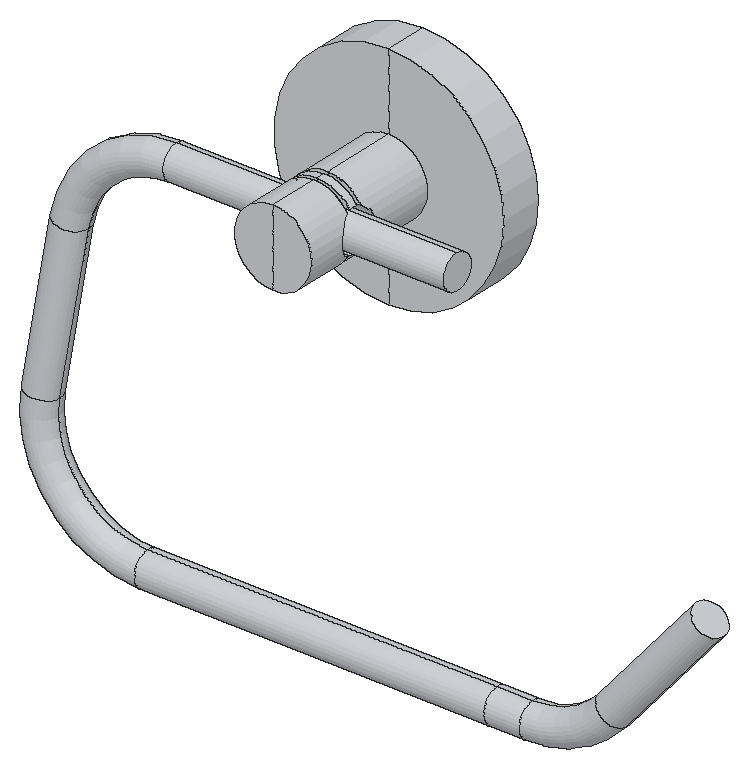
Revit family "Reece_Accessory_GROHE_Essentials_Toilet Roll Holder", category Plumbing Fixtures, Revit 2018
Family settings
  Round Connector Dimension = Use Diameter
  Part Type = Normal
  Work Plane-Based = Yes
  Always vertical = Yes
  Cut with Voids When Loaded = Yes
  Shared = Yes
  Room Calculation Point = Yes
Parameters (values of type "Brushed Nickel")
  URL = "https://www.reece.com.au/product/-9508746"
  Type Comments = "Accessory"
  Reece_Product_Web Page = "https://www.reece.com.au/product/-9508746"
  Reece_Product_Type = "Accessory"  # constant formula
  Reece_Product_Sub Brand = "Essentials"  # constant formula
  Reece_Product_Number = "9508746"
  Reece_Product_Mount = "Wall Mounted"
  Reece_Product_Description = "GROHE Essentials Accessories Toilet Roll Holder Brushed Nickel"
  Reece_Product_Brand = "GROHE"  # constant formula
  Reece_Overall_Width = 167 mm  # constant formula
  Reece_Overall_Height = 119 mm  # constant formula
  Reece_Material_Main = Reece_Brass_Brushed Nickel
  Reece_Holder_Type = Reece_Accessory_GROHE_Essentials_Toilet Roll Holder_NESTED : Standard
  Reece_Height_From_Level [instance] = 1000 mm
  Reece_Detail_Shape = ""
  Reece_Detail_Installation = ""
  Reece_Detail_Disclaimer = "THIS FILE IS THE PROPERTY OF THE REECE GROUP. IT MAY NOT BE REPRODUCED, REVERSE-ENGINEERED OR MODIFIED. ANY REPUBLICATION, TRANSMISSION OR DISTRIBUTION FOR THE PURPOSE OF COMMERCIALLY EXPLOITING THE FILES IS PROHIBITED."  # constant formula
  Reece_Detail_Connector = ""
  Reece_Detail_Additional = ""
  Reece_Accessory_Projection = 44 mm  # constant formula
  Model = "Essentials"
  Manufacturer = "GROHE"
  Keynote = "Product #9508746, Reece_Accessory_GROHE_Essentials_Toilet Roll Holder - Brushed Nickel"
  Disclaimer = "THIS FILE IS THE PROPERTY OF THE REECE GROUP. IT MAY NOT BE REPRODUCED, REVERSE-ENGINEERED OR MODIFIED. ANY REPUBLICATION, TRANSMISSION OR DISTRIBUTION FOR THE PURPOSE OF COMMERCIALLY EXPLOITING THE FILES IS PROHIBITED."  # constant formula
  Description = "GROHE Essentials Accessories Toilet Roll Holder Brushed Nickel"
  Default Elevation = 0 mm
Types (6, lengths in mm): name | URL | Reece_Product_Web Page | Reece_Product_Number | Reece_Product_Description | Reece_Material_Main | Reece_Holder_Type | Keynote | Description
  (no name) | "https://www.reece.com.au/product/-9506958" | "https://www.reece.com.au/product/-9506958" | "9506958" | "GROHE Essentials Accessories Toilet Roll Holder with Cover Chrome" | Reece_Brass_Chrome | Reece_Accessory_GROHE_Essentials_Toilet Roll Holder_NESTED : With Cover | "Product #9506958, Reece_Accessory_GROHE_Essentials_Toilet Roll Holder -  " | "GROHE Essentials Accessories Toilet Roll Holder with Cover Chrome"
  Chrome | "https://www.reece.com.au/product/-9506957" | "https://www.reece.com.au/product/-9506957" | "9506957" | "GROHE Essentials Accessories Toilet Roll Holder Chrome" | Reece_Brass_Chrome | Reece_Accessory_GROHE_Essentials_Toilet Roll Holder_NESTED : Standard | "Product #9506957, Reece_Accessory_GROHE_Essentials_Toilet Roll Holder - Chrome" | "GROHE Essentials Accessories Toilet Roll Holder Chrome"
  Brushed Nickel | "https://www.reece.com.au/product/-9508746" | "https://www.reece.com.au/product/-9508746" | "9508746" | "GROHE Essentials Accessories Toilet Roll Holder Brushed Nickel" | Reece_Brass_Brushed Nickel | Reece_Accessory_GROHE_Essentials_Toilet Roll Holder_NESTED : Standard | "Product #9508746, Reece_Accessory_GROHE_Essentials_Toilet Roll Holder - Brushed Nickel" | "GROHE Essentials Accessories Toilet Roll Holder Brushed Nickel"
  Hard Graphite | "https://www.reece.com.au/product/-9508747" | "https://www.reece.com.au/product/-9508747" | "9508747" | "GROHE Essentials Accessories Toilet Roll Holder Hard Graphite" | Reece_Metal_Hard Graphite | Reece_Accessory_GROHE_Essentials_Toilet Roll Holder_NESTED : Standard | "Product #9508747, Reece_Accessory_GROHE_Essentials_Toilet Roll Holder - Hard Graphite" | "GROHE Essentials Accessories Toilet Roll Holder Hard Graphite"
  Brushed Cool Sunrise | "https://www.reece.com.au/product/-9508748" | "https://www.reece.com.au/product/-9508748" | "9508748" | "GROHE Essentials Accessories Toilet Roll Holder Brushed Cool Sunrise" | Reece_Metal_Brushed_Cool Sunrise | Reece_Accessory_GROHE_Essentials_Toilet Roll Holder_NESTED : Standard | "Product #9508748, Reece_Accessory_GROHE_Essentials_Toilet Roll Holder - Brushed Cool Sunrise" | "GROHE Essentials Accessories Toilet Roll Holder Brushed Cool Sunrise"
  Chrome_With Cover | "https://www.reece.com.au/product/-9506958" | "https://www.reece.com.au/product/-9506958" | "9506958" | "GROHE Essentials Accessories Toilet Roll Holder with Cover Chrome" | Reece_Brass_Chrome | Reece_Accessory_GROHE_Essentials_Toilet Roll Holder_NESTED : With Cover | "Product #9506958, Reece_Accessory_GROHE_Essentials_Toilet Roll Holder - Chrome_With Cover" | "GROHE Essentials Accessories Toilet Roll Holder with Cover Chrome"
Reference planes
  plane 1 "Center (Front/Back)": y = 0
  plane 2 "Bottom Host Plane": z = -5
  plane 3 "Center (Left/Right)": x = 0
  plane 4 "Fixing Point": z = 1000
  plane 5: z = 1027
  plane 6: z = 908
  plane 7: y = -44
  plane 8: x = 35
  plane 9: x = -35
  plane 10: x = -72.476
  plane 11: x = 94.524
Lines and regions (mm)
  model lines, style "InvisibleLines"
    curve 1: line (0, 0, -5) -> (0, 0, 1000)
Text (mm)
  text "Reece ©" at (2577.71, -2372.273, 3066.83), in view "Reece Preview"
  text "Reece ©" at (124.165, -75.92, -1020.679), in view "Ref. Level"
Dimensions and locks
  locked: plane 2 "Bottom Host Plane" to level at 5
  "Reece_Height_From_Level": plane 4 "Fixing Point" to level
  "Reece_Overall_Height": plane 5 to plane 6
  "Reece_Accessory_Projection": plane 1 "Center (Front/Back)" to plane 7
  "Reece_Overall_Width": plane 10 to plane 11
  locked: plane 6 to plane 4 "Fixing Point" at 92
  aligned and locked: plane 4 "Fixing Point" to curve 1
Automatic sketch dimensions
  curve 1 to plane 3 "Center (Left/Right)" = 0 mm
  curve 1 to plane 2 "Bottom Host Plane" = 0 mm
Nested families
  nested 1: "Reece_Accessory_GROHE_Essentials_Toilet Roll Holder_NESTED" at (0, 0, 1000), type <- "Reece_Holder_Type", Reece_Material_Main <- "Reece_Material_Main", type "Standard"
    with Reece_Material_Main Reece_Brass_Brushed Nickel, Reece_Height_From_Level 1000 mm
Definition of nested family "Reece_Accessory_GROHE_Essentials_Toilet Roll Holder_NESTED"
  Parameters (values of type "Standard")
    With Cover = no
    Standard = not(With Cover)  # yes
    Reece_Product_Web Page = ""
    Reece_Product_Type = ""
    Reece_Product_Sub Brand = ""
    Reece_Product_Number = ""
    Reece_Product_Mount = ""
    Reece_Product_Description = ""
    Reece_Product_Brand = ""
    Reece_Overall_Width = 500 mm
    Reece_Overall_Length = 500 mm
    Reece_Overall_Height = 0 mm
    Reece_Material_Main [instance] = none
    Reece_Height_From_Level [instance] = 1000 mm
    Reece_Detail_Shape = ""
    Reece_Detail_Installation = ""
    Reece_Detail_Connector = ""
    Reece_Detail_Additional = ""
    Reece_Accessory_Projection = 0 mm
    Default Elevation = 0 mm
  Types (2, lengths in mm): name | With Cover | Standard
    Standard | no | yes
    With Cover | yes | no
  Reference planes
    plane 1 "Center (Front/Back)": y = 0
    plane 2 "Bottom Host Plane": z = 0
    plane 3 "Center (Left/Right)": x = 0
  Forms (mm)
    Revolve 1, solid, material <- "Reece_Material_Main"
      sketch origin (0, 0, -1000) x (0, 1, 0) y (0, 0, 1)
        loop
          line (0, 1000) -> (0, 1027) -> (-10, 1027) -> (-10, 1009) -> (-28, 1009) -> (-28, 1008) -> (-29, 1008) -> (-29, 1009) -> (-31, 1009) -> (-31, 1008) -> (-32, 1008) -> (-32, 1009) -> (-44, 1009) -> (-44, 1000) -> (0, 1000)
        axis (0, 1000) -> (-44, 1000)
      angle from 0 to 360
    Sweep 2, solid, material <- "Reece_Material_Main"
      path origin (0, -30, -1000) x (1, 0, 0) y (0, 0, 1)
        loop
          line (32.066, 1000) -> (-33.892, 1000)
          arc (-33.892, 1000) -> (-49.962, 994.151) -> (-58.512, 979.341) r 25
          line (-58.512, 979.341) -> (-65.213, 941.341)
          arc (-65.213, 941.341) -> (-59.744, 920.93) -> (-40.593, 912) r 25
          line (-40.593, 912) -> (41.531, 912) -> (49.873, 912)
          arc (49.873, 912) -> (60.439, 914.342) -> (69.024, 920.93) r 25
          line (69.024, 920.93) -> (91.477, 947.688)
      profile origin (-0.913, -30, 0) x (0, 0, -1) y (0, -1, 0)
        loop
          circle (0, 0) r 4
    Extrusion 3, void
      sketch origin (0, 0, -1000) x (0, 1, 0) y (0, 0, 1)
        loop
          circle (-30, 1000) r 5
      from -10.212 to 9.496
    Extrusion 4, solid, material <- "Reece_Material_Main", visible <- "With Cover"
      sketch origin (0, 0, -1000) x (0, 1, 0) y (0, 0, 1)
        loop
          arc (-36.345, 1004) -> (-57.005, 957.978) -> (-64.082, 908.03) r 180
          line (-64.082, 908.03) -> (-63.082, 908.03)
          arc (-63.082, 908.03) -> (-56.043, 957.702) -> (-35.497, 1003.47) r 179
          arc (-35.497, 1003.47) -> (-33.14, 1005.691) -> (-30, 1006.5) r 6.5
          line (-30, 1006.5) -> (-30, 1007.5)
          arc (-30, 1007.5) -> (-33.623, 1006.567) -> (-36.345, 1004) r 7.5
      from -55.036 to 57.679
    Extrusion 5, void
      sketch origin (0, 0, -999.688) x (1, 0, 0) y (0, 0, 1)
        loop
          arc (-9.98, 997.177) -> (0.02, 987.177) -> (10.02, 997.177) r 10
          line (10.02, 997.177) -> (10.02, 1012.177) -> (-9.98, 1012.177) -> (-9.98, 997.177)
        loop
          line (35, 1009.89) -> (35, 1004.687)
          arc (35, 1004.687) -> (36.464, 1001.152) -> (40, 999.687) r 5
          line (40, 999.687) -> (52.679, 999.687)
          arc (52.679, 999.687) -> (56.215, 998.223) -> (57.679, 994.687) r 5
          line (57.679, 994.687) -> (57.679, 912.717)
          arc (57.679, 912.717) -> (56.215, 909.182) -> (52.679, 907.717) r 5
          line (52.679, 907.717) -> (-50.036, 907.717)
          arc (-50.036, 907.717) -> (-53.572, 909.182) -> (-55.036, 912.717) r 5
          line (-55.036, 912.717) -> (-55.036, 994.687)
          arc (-55.036, 994.687) -> (-53.572, 998.223) -> (-50.036, 999.687) r 5
          line (-50.036, 999.687) -> (-40, 999.687)
          arc (-40, 999.687) -> (-36.464, 1001.152) -> (-35, 1004.687) r 5
          line (-35, 1004.687) -> (-35, 1009.89) -> (-60, 1009.89) -> (-60, 902.447) -> (60, 902.447) -> (60, 1009.89) -> (35, 1009.89)
      from 20.377 to 98.223
    Extrusion 6, solid, material <- "Reece_Material_Main", visible <- "With Cover"
      sketch origin (0, 0, -1000) x (0, 1, 0) y (0, 0, 1)
        loop
          arc (-37.483, 999.493) -> (-24.52, 994.879) -> (-30, 1007.5) r 7.5
          line (-30, 1007.5) -> (-30, 1006.5)
          arc (-30, 1006.5) -> (-25.582, 995.232) -> (-36.481, 1000.494) r 6.5
          line (-36.481, 1000.494) -> (-37.483, 999.493)
      from -35 to -9.98
    Extrusion 7, solid, material <- "Reece_Material_Main", visible <- "With Cover"
      sketch origin (0, 0, -1000) x (0, 1, 0) y (0, 0, -1)
        loop
          line (-37.483, -999.493) -> (-36.481, -1000.494)
          arc (-36.481, -1000.494) -> (-25.582, -995.232) -> (-30, -1006.5) r 6.5
          line (-30, -1006.5) -> (-30, -1007.5)
          arc (-30, -1007.5) -> (-24.52, -994.879) -> (-37.483, -999.493) r 7.5
      from -35 to -9.98
  Cuts and joins
    Extrusion 3 cuts Revolve 1
    joined: Revolve 1, Sweep 2
    Extrusion 5 cuts Extrusion 4
    joined: Extrusion 4, Extrusion 6, Extrusion 7
  Text (mm)
    text "Reece ©" at (2943.753, -2068.85, 3004.21), in view "Reece Preview"
    text "Reece ©" at (1631.025, -1085.127, -1020.679), in view "Ref. Level"
    text "Wallboy" at (1682.314, -24.991, -1020.679), in view "Ref. Level"
